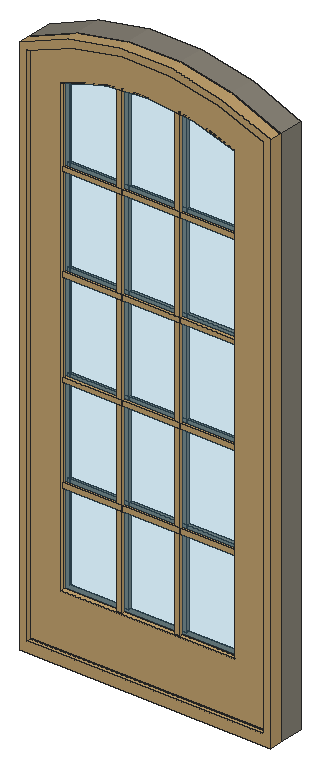
Revit family
Parameters (values of type "CUIAF3070")
  URL = "www.marvin.com"
  Thickness = 0' - 1 3/4"
  Sill Material = Fiberglass_Pultrusion-Marvin-Beige
  Rough Width = Width + 0' 1"  # 3' - 2 7/16"
  Rough Height = Height + 0' 0 1/2"  # 7' - 2 1/2"
  Radius = 3' - 4 3/16"
  RO Radius = 3' - 4 1/2"
  Muntins Interior Material = Wood-Marvin-Pine
  Muntins Exterior Material = Aluminum-Marvin-Bronze
  Mask Offset [instance] = if(Inset to Installation Flange = 0' 1 3/32", 0' 0 1/32", 0' 0")  # 0' - 0"
  Interior Material = Wood-Marvin-Pine
  Glazing Material = Glass-Marvin-IG Low E II with Argon
  Function = 1
  Frame = "Aluminum Clad"
  FS Springline = 6' - 9 3/8"
  Plan Swing Angle [instance] = 90.00°
  Panel Width = Width - 0' 2 3/8"  # 2' - 11 1/16"
  Nominal Width = 3' - 0"
  Nominal Height = 7' - 0"
  Muntins Interior Visibility = yes
  Muntins Exterior Visibility = yes
  Model = "CUIAF3070"
  Mask [instance] = Inset to Installation Flange > 0' 1 3/32"  # no
  Manufacturer = "Marvin Windows and Doors"
  Lites Wide = 3
  Lites High = 5
  Label Visibility = no
  Jamb Extension Visibility = no
  Inset to Installation Flange [instance] = 0' - 1"
  Height = if(Nominal Height = 6' 6", Nominal Height + 0' 1 1/2", if(Nominal Height = 8' 0", Nominal Height - 0' 0 1/2", Nominal Height + 0' 2"))  # 7' - 2"
  Wall Closure = (empty or 0)
  Width = if(Nominal Height > 6' 6", Nominal Width + 0' 1 7/16", Nominal Width + 0' 0 5/8")  # 3' - 1 7/16"
  Glass Type = "IG Low E II with Argon"
  Family created by = "www.revitbuilt.com"
  Door Type = "Clad Ultimate Inswing Archtop French Door"
  Design Pressure = "DP40"
  Description = "3684 AT FR DOOR"
  Daylight Area = DLO Width * DLO Height  # 12.4636 SF
  DLO Width = Width - 0' 11 27/32"  # 2' - 1 19/32"
  DLO Height = Height - 1' 3 7/8"  # 5' - 10 1/8"
  Cladding Material = Aluminum-Marvin-Bronze
  Assembly Code = ""
Reference planes (in)
  plane 1 "Center (Front/Back)": y = 0
  plane 2 "Center (Left/Right)": x = 0
  plane 3 "Left": x = -18.71875
  plane 4 "Right": x = 18.71875
  plane 5 "Top": z = 86
  plane 6 "Exterior": y = 3
  plane 7 "Interior": y = -3
  plane 8 "Inset": y = 2
  plane 9 "Glazing": y = -0.71875
  plane 10: x = -12.78125
  plane 11: x = 12.78125
  plane 12: z = 80.0625
  plane 13: z = 9.96875
  plane 14 "Jamb Ext Face": y = -2.5625
  plane 15: z = 81.375
  plane 16: z = 80.0625
  plane 17: y = -2.59375
Forms (in)
  Sweep 1, solid, material "Aluminum-Marvin-Bronze" <- "Cladding Material"
    path origin (0, -0.71875, 0) x (1, 0, 0) y (0, 0, 1)
      loop
        line (-18.71875, 4.03125) -> (18.71875, 4.03125) -> (18.71875, 81.375)
        arc (18.71875, 81.375) -> (0, 86.00067) -> (-18.71875, 81.375) r 40.1875
        line (-18.71875, 81.375) -> (-18.71875, 4.03125)
    profile "Clad_Panel : Clad_Panel" origin (-18.71875, -0.71875, 42.70313) x (-1, 0, 0) y (0, -1, 0)
      loop
        line (-1.1875, 0) -> (-5.9375, 0) -> (-5.9375, -0.05719) -> (-5.72946, -0.26523) -> (-5.72946, -0.4375) -> (-1.1875, -0.4375) -> (-1.1875, 0)
  Sweep 2, solid, material "Wood-Marvin-Pine" <- "Interior Material"
    path origin (0, -0.71875, 0) x (1, 0, 0) y (0, 0, 1)
      loop
        line (-18.71875, 81.375) -> (-18.71875, 4.03125) -> (18.71875, 4.03125) -> (18.71875, 81.375)
        arc (18.71875, 81.375) -> (0, 86.00067) -> (-18.71875, 81.375) r 40.1875
    profile "Int_Panel : Int_Panel" origin (-18.71875, -0.71875, 42.70312) x (1, 0, 0) y (0, -1, 0)
      loop
        line (1.1875, 1.3125) -> (1.1875, 0) -> (5.21266, 0) -> (5.21266, 0.82511) -> (5.9375, 0.82511) -> (5.9375, 0.97108) -> (5.74041, 1.3125) -> (1.1875, 1.3125)
  Sweep 3, solid, material "Aluminum-Marvin-Bronze" <- "Cladding Material"
    path origin (0, -0.71875, 0) x (1, 0, 0) y (0, 0, 1)
      loop
        line (-18.71875, 0) -> (-18.71875, 81.375)
        arc (-18.71875, 81.375) -> (0, 86.00067) -> (18.71875, 81.375) r 40.1875
        line (18.71875, 81.375) -> (18.71875, 0)
    profile "Clad_Frame : Clad_Frame" origin (-18.71875, -0.71875, 40.6875) x (-1, 0, 0) y (0, -1, 0)
      loop
        line (0, -3.8125) -> (0, 0) -> (-1.06374, 0) -> (-1.06374, -0.53244) -> (-1.77792, -0.53244)
        arc (-1.77792, -0.53244) -> (-1.63018, -1.76415) -> (-1.51551, -2.99937) r 46.27589
        line (-1.51551, -2.99937) -> (-0.93767, -2.99937) -> (-0.93767, -3.10585) -> (-0.67848, -3.10585) -> (-0.67848, -3.8125) -> (0, -3.8125)
  Sweep 4, solid, material "Wood-Marvin-Pine" <- "Interior Material"
    path origin (0, -0.71875, 0) x (1, 0, 0) y (0, 0, 1)
      loop
        line (-18.71875, 0) -> (-18.71875, 81.375)
        arc (-18.71875, 81.375) -> (0, 86.00067) -> (18.71875, 81.375) r 40.1875
        line (18.71875, 81.375) -> (18.71875, 0)
    profile "Int_Frame : Int_Frame" origin (-18.71875, -0.71875, 40.6875) x (-1, 0, 0) y (0, -1, 0)
      loop
        line (0, 0) -> (0, 1.84375) -> (-1.06374, 1.84375) -> (-1.06374, 0) -> (0, 0)
  Sweep 5, solid, material "Fiberglass_Pultrusion-Marvin-Beige" <- "Sill Material"
    path origin (0, 2, 0) x (1, 0, 0) y (0, 0, 1)
      loop
        line (18.04027, 0) -> (-18.04027, 0)
    profile "Sill : Sill" origin (0, 2, 0) x (0, 0, -1) y (0, -1, 0)
      loop
        line (-0.45122, -1.09375) -> (0, -1.09375) -> (0, 3.9375) -> (-1.61915, 3.9375) -> (-1.61915, 1.78125) -> (-0.75338, 1.78125) -> (-0.45122, -1.09375)
  Extrusion 6, solid, material "Aluminum-Marvin-Bronze" <- "Cladding Material"
    sketch origin (0, 0, 0) x (0, 1, 0) y (0, 0, 1)
      loop
        line (-0.28125, 5.21875) -> (-0.71875, 5.21875) -> (-0.71875, 1.8125) -> (-0.28125, 1.8125) -> (-0.28125, 5.21875)
    from -17.53125 to 17.53125
  Extrusion 7, solid, material "Wood-Marvin-Pine" <- "Interior Material"
    sketch origin (0, 0, 0) x (0, 1, 0) y (0, 0, 1)
      loop
        line (-0.71875, 5.21875) -> (-2.03125, 5.21875) -> (-2.03125, 1.8125) -> (-0.71875, 1.8125) -> (-0.71875, 5.21875)
    from -17.53125 to 17.53125
  Extrusion 8, solid, material "Wood-Marvin-Pine" <- "Interior Material", visible <- "Jamb Extension Visibility", detail levels medium+fine
    sketch origin (0, -2.5625, 0) x (1, 0, 0) y (0, 0, 1)
      loop
        line (-18.71875, 0) -> (-18.03125, 0) -> (-18.03125, 80.9556)
        arc (-18.03125, 80.9556) -> (0, 85.31148) -> (18.03125, 80.9556) r 39.49831
        line (18.03125, 80.9556) -> (18.03125, 0) -> (18.71875, 0) -> (18.71875, 81.375)
        arc (18.71875, 81.375) -> (0, 86.00067) -> (-18.71875, 81.375) r 40.1875
        line (-18.71875, 81.375) -> (-18.71875, 0)
    from 0.03125 to 0.4375
  Extrusion 9, solid, material "Glass-Marvin-IG Low E II with Argon" <- "Glazing Material"
    sketch origin (0, -0.71875, 0) x (1, 0, 0) y (0, 0, 1)
      loop
        line (13.40625, 9.34375) -> (13.40625, 78.1166)
        arc (13.40625, 78.1166) -> (0, 80.78801) -> (-13.40625, 78.1166) r 34.97484
        line (-13.40625, 78.1166) -> (-13.40625, 9.34375) -> (13.40625, 9.34375)
    from 0 to 0.125
  Extrusion 10, solid, material "Glass-Marvin-IG Low E II with Argon" <- "Glazing Material"
    sketch origin (0, -0.71875, 0) x (1, 0, 0) y (0, 0, 1)
      loop
        line (13.40625, 9.34375) -> (13.40625, 78.1166)
        arc (13.40625, 78.1166) -> (0, 80.78801) -> (-13.40625, 78.1166) r 34.97484
        line (-13.40625, 78.1166) -> (-13.40625, 9.34375) -> (13.40625, 9.34375)
    from 0.65625 to 0.78125
  Sweep 11, solid, material "Wood-Marvin-Pine" <- "Interior Material"
    path in 3D
      loop
        line (18.04027, -1.9375, 1.61915) -> (-18.04027, -1.9375, 1.61915)
    profile origin (0, -1.9375, 1.61915) x (0, -1, 0) y (0, 0, 1)
      loop
        line (0, 0) -> (0, -1.61915) -> (0.625, -1.61915) -> (0.625, 0) -> (0, 0)
Cuts and joins
  joined: Sweep 1, Extrusion 6
  joined: Sweep 2, Extrusion 7
  joined: Sweep 4, Sweep 11
Lines and regions (in)
  Opening 1
    outline origin (-90, -3, 0) x (1, 0, 0) y (0, 0, 1)
      loop
        line (71.28125, 0) -> (108.71875, 0) -> (108.71875, 81.375)
        arc (108.71875, 81.375) -> (90, 86.00067) -> (71.28125, 81.375) r 40.1875
        line (71.28125, 81.375) -> (71.28125, 0)
  Masking region 1
    outline origin (0, 0, 0) x (0, 1, 0) y (0, 0, 1)
      loop
        line (3.09375, 86) -> (-2.5625, 86) -> (-2.5625, 0) -> (3.09375, 0) -> (3.09375, 86)
  Masking region 2, visible <- "Mask"
    outline origin (0, 0, 0) x (0, 1, 0) y (0, 0, 1)
      loop
        line (3.09375, 86) -> (3, 86) -> (3, 0) -> (3.09375, 0) -> (3.09375, 86)
  Masking region 3, visible <- "Jamb Extension Visibility"
    outline origin (0, 0, 0) x (1, 0, 0) y (0, 1, 0)
      loop
        line (-18.71875, -2.59375) -> (-18.71875, -3) -> (-18.03125, -3) -> (-18.03125, -2.59375) -> (-18.71875, -2.59375)
      loop
        line (18.71875, -2.59375) -> (18.03125, -2.59375) -> (18.03125, -3) -> (18.71875, -3) -> (18.71875, -2.59375)
  Masking region 4
    outline origin (0, 0, 0) x (0, 1, 0) y (0, 0, 1)
      loop
        line (-2.59375, 86) -> (-3, 86) -> (-3, 0) -> (-2.59375, 0) -> (-2.59375, 86)
  symbolic lines, style "DoorsFrameMullionProjection", visible <- "Jamb Extension Visibility", detail levels coarse+medium
    curve 1: line (-18.71875, -3, 0) -> (-18.03125, -3, 0)
    curve 2: line (-18.03125, -3, 0) -> (-18.03125, -2.59375, 0)
    curve 3: line (18.71875, -3, 0) -> (18.03125, -3, 0)
    curve 4: line (18.03125, -3, 0) -> (18.03125, -2.59375, 0)
    curve 7: line (0, -2.59375, 85.3125) -> (0, -3, 85.3125)
    curve 8: line (0, -3, 85.3125) -> (0, -3, 86)
  symbolic lines, style "Jamb Extension", visible <- "Jamb Extension Visibility", detail levels fine
    curve 5: line (0, -2.59375, 85.3125) -> (0, -3, 85.3125)
    curve 6: line (0, -3, 85.3125) -> (0, -3, 86)
  symbolic lines, style "DoorsFrameMullionProjection", detail levels coarse+medium
    curve 9: line (0, 3.09375, 86) -> (0, 3.09375, 84.93626)
    curve 10: line (0, 3.09375, 84.93626) -> (0, -2.5625, 84.93626)
    curve 11: line (0, -2.5625, 84.93626) -> (0, -2.5625, 86)
    curve 20: line (0, -0.28125, 80.0625) -> (0, -0.28125, 9.96875)
    curve 21: line (0, -2.03125, 80.0625) -> (0, -2.03125, 9.96875)
    curve 24: line (0, 3.09375, 0.45122) -> (0, 0.21875, 0.75338)
    curve 25: line (0, 0.21875, 1.625) -> (0, 0.21875, 0.75338)
    curve 26: line (0, 0.21875, 1.625) -> (0, -2.56948, 1.625)
    curve 27: line (0, -2.56948, 0) -> (0, -2.56948, 1.625)
    curve 28: line (0, 3.09375, 0) -> (0, 3.09375, 0.45122)
    curve 29: line (0, 3.09375, 0) -> (0, -2.56948, 0)
    curve 30: line (0, 3.09375, 86) -> (0, -2.5625, 86)
    curve 31: line (0, -3, 86) -> (0, 3.09375, 86)
  symbolic lines, style "DoorsPanelProjection", detail levels coarse+medium
    curve 12: line (0, -0.28125, 80.0625) -> (0, -0.28125, 84.93626)
    curve 13: line (0, -2.03125, 80.0625) -> (0, -0.28125, 80.0625)
    curve 14: line (0, -2.03125, 84.93626) -> (0, -2.03125, 80.0625)
    curve 15: line (0, -0.28125, 9.96875) -> (0, -2.03125, 9.96875)
    curve 16: line (0, -0.28125, 1.8125) -> (0, -0.28125, 9.96875)
    curve 17: line (0, -2.03125, 1.8125) -> (0, -0.28125, 1.8125)
    curve 18: line (0, -2.03125, 9.96875) -> (0, -2.03125, 1.8125)
  symbolic lines, style "DoorsGlassProjection", detail levels coarse+medium
    curve 19: line (0, -1.15625, 9.96875) -> (0, -1.15625, 80.0625)
  symbolic lines, style "Elevation Swing"
    curve 22: line (-17.53125, -0.71875, 1.8125) -> (17.53125, -0.71875, 43)
    curve 23: line (17.53125, -0.71875, 43) -> (-17.65501, -0.71875, 80.72397)
  sketch lines
    curve 32: line (18.04027, -1.9375, 1.61915) -> (-18.04027, -1.9375, 1.61915)
  reference lines
    curve 33: arc (18.71875, 3, 81.375) -> (0, 3, 86.00067) -> (-18.71875, 3, 81.375) r 40.1875
Text (in)
  text "Exterior" at (-74.96733, 27.31104, 0), in view "Ref. Level"
  text "Interior" at (-74.96733, -25.14366, 0), in view "Ref. Level"
  text "Exterior" at (0, 40.15149, 123.01588), in view "Right"
  text "Interior" at (0, -64.39139, 123.01588), in view "Right"
  text "Interior" at (0, -31.01599, 123.00693), in view "Left"
  text "Exterior" at (0, 54.57065, 123.00693), in view "Left"
Dimensions and locks (in)
  equal spacing: plane 3 "Left", plane 2 "Center (Left/Right)", plane 4 "Right"
  "Height": level to plane 5 "Top"
  "Width": plane 3 "Left" to plane 4 "Right"
  locked: plane 11 to plane 4 "Right" at 5.9375
  locked: plane 3 "Left" to plane 10 at 5.9375
  locked: plane 12 to plane 5 "Top" at 5.9375
  locked: level to plane 13 at 9.96875
  locked: Extrusion 6 sketch curve to Sweep 1 at 3.40625
  locked: Extrusion 7 sketch curve to Sweep 2 at 3.40625
  locked: Extrusion 8 sketch curve to plane 4 "Right" at 0.6875
  locked: plane 3 "Left" to Extrusion 8 sketch curve at 0.6875
  locked: Extrusion 9 sketch curve to plane 10 at 0.625
  locked: Extrusion 9 sketch curve to plane 13 at 0.625
  locked: plane 11 to Extrusion 9 sketch curve at 0.625
  locked: Extrusion 10 sketch curve to plane 10 at 0.625
  locked: Extrusion 10 sketch curve to plane 13 at 0.625
  locked: plane 11 to Extrusion 10 sketch curve at 0.625
  locked: plane 9 "Glazing" to Extrusion 9 at 0.125
  locked: plane 9 "Glazing" to Extrusion 10 at 0.78125
  locked: plane 9 "Glazing" to Extrusion 10 at 0.65625
  locked: Extrusion 10 to Extrusion 10 at 0.125
  locked: nested 3 to plane 9 "Glazing" at 0.8125
  "Inset to Installation Flange": host wall to plane 8 "Inset"
  locked: plane 9 "Glazing" to plane 8 "Inset" at 2.71875
  locked: plane 14 "Jamb Ext Face" to plane 8 "Inset" at 4.5625
  locked: nested 4 to host wall at 12
  equal spacing: level, curve 23, plane 5 "Top"
  "FS Springline": level to plane 15
  locked: Sweep 1 sketch curve to plane 13 at 5.9375
  locked: Sweep 2 sketch curve to plane 13 at 5.9375
  locked: curve 7 to plane 5 "Top" at 0.6875
  "Mask Offset": Masking region 2 sketch curve to host wall
  locked: plane 17 to plane 14 "Jamb Ext Face" at 0.03125
  "Radius": radius of curve 33
  aligned and locked: plane 3 "Left" to Opening 1 sketch curve
  aligned and locked: Opening 1 sketch curve to plane 4 "Right"
  aligned and locked: Opening 1 sketch curve to level
  aligned and locked: plane 6 "Exterior" to host wall
  aligned and locked: plane 7 "Interior" to host wall
  aligned and locked: plane 3 "Left" to Sweep 3 sketch curve
  aligned and locked: level to Sweep 3 sketch curve  (x2)
  aligned and locked: Sweep 3 sketch curve to plane 4 "Right"
  aligned and locked: plane 3 "Left" to Sweep 4 sketch curve
  aligned and locked: level to Sweep 4 sketch curve  (x2)
  aligned and locked: Sweep 4 sketch curve to plane 4 "Right"
  aligned and locked: level to nested 1
  aligned and locked: nested 1 to plane 8 "Inset"
  aligned and locked: Sweep 5 sketch curve to level
  aligned and locked: Extrusion 6 sketch curve to Sweep 1  (x2)
  aligned and locked: Extrusion 6 sketch curve to plane 9 "Glazing"
  aligned and locked: Sweep 1 to Extrusion 6
  aligned and locked: Extrusion 6 to Sweep 1
  aligned and locked: Sweep 2 to Extrusion 7 sketch curve
  aligned and locked: plane 9 "Glazing" to Extrusion 7 sketch curve
  aligned and locked: Extrusion 7 sketch curve to Sweep 2
  aligned and locked: Sweep 2 to Extrusion 7
  aligned and locked: Extrusion 7 to Sweep 2
  aligned and locked: Extrusion 8 sketch curve to plane 3 "Left"
  aligned and locked: plane 4 "Right" to Extrusion 8 sketch curve
  aligned and locked: level to Extrusion 8 sketch curve  (x2)
  aligned and locked: Sweep 3 to Extrusion 8 sketch curve
  aligned and locked: host wall to Extrusion 8
  aligned and locked: Extrusion 9 to plane 9 "Glazing"
  aligned and locked: plane 9 "Glazing" to nested 2
  aligned and locked: nested 2 to plane 2 "Center (Left/Right)"
  aligned and locked: plane 12 to nested 2
  aligned and locked: plane 2 "Center (Left/Right)" to nested 3
  aligned and locked: nested 3 to plane 12
  aligned and locked: plane 3 "Left" to curve 1
  aligned and locked: curve 1 to Extrusion 8
  aligned and locked: curve 4 to Extrusion 8
  aligned and locked: curve 3 to Extrusion 8
  aligned and locked: Extrusion 8 to curve 6
  aligned and locked: plane 5 "Top" to curve 8
  aligned and locked: plane 5 "Top" to curve 9
  aligned and locked: plane 5 "Top" to curve 11
  aligned and locked: curve 13 to plane 12
  aligned and locked: curve 14 to cut or joined group of Sweep 2, Extrusion 7
  aligned and locked: curve 12 to cut or joined group of Sweep 1, Extrusion 6
  aligned and locked: curve 15 to plane 13
  aligned and locked: curve 18 to cut or joined group of Sweep 2, Extrusion 7
  aligned and locked: curve 16 to cut or joined group of Sweep 1, Extrusion 6
  aligned and locked: curve 13 to curve 19
  aligned and locked: curve 15 to curve 19
  aligned and locked: plane 5 "Top" to Masking region 1 sketch curve
  aligned and locked: level to Masking region 1 sketch curve
  aligned and locked: level to Masking region 2 sketch curve
  aligned and locked: plane 5 "Top" to Masking region 2 sketch curve
  aligned and locked: curve 21 to cut or joined group of Sweep 2, Extrusion 7
  aligned and locked: cut or joined group of Sweep 1, Extrusion 6 to curve 22
  aligned and locked: plane 2 "Center (Left/Right)" to nested 4
  aligned and locked: curve 17 to cut or joined group of Sweep 2, Extrusion 7
  aligned and locked: curve 24 to Sweep 5
  aligned and locked: curve 25 to nested 1
  aligned and locked: curve 27 to nested 1
  aligned and locked: curve 28 to Sweep 5
  aligned and locked: plane 4 "Right" to nested 5
  aligned and locked: plane 8 "Inset" to nested 5
  aligned and locked: curve 9 to Sweep 3
  aligned and locked: Masking region 1 sketch curve to Sweep 3
  aligned and locked: Masking region 2 sketch curve to Sweep 3
  aligned and locked: Sweep 5 sketch curve to Sweep 3
  aligned and locked: Sweep 3 to Sweep 5 sketch curve
  aligned and locked: curve 22 to cut or joined group of Sweep 1, Extrusion 6
  aligned and locked: Sweep 11 sketch curve to profile plane
  aligned and locked: level to Sweep 11 sketch curve
  aligned and locked: Sweep 11 sketch curve to plane 14 "Jamb Ext Face"
  aligned and locked: Sweep 11 sketch curve to Sweep 5
  aligned and locked: Sweep 4 sketch curve to host wall
  aligned and locked: plane 3 "Left" to Sweep 1 sketch curve
  aligned and locked: Sweep 1 sketch curve to plane 4 "Right"
  aligned and locked: Sweep 2 sketch curve to plane 3 "Left"
  aligned and locked: plane 4 "Right" to Sweep 2 sketch curve
  aligned and locked: plane 15 to curve 33  (x2)
  aligned and locked: plane 4 "Right" to curve 33
  aligned and locked: plane 3 "Left" to curve 33
  aligned and locked: Opening 1 sketch curve to curve 33
  aligned and locked: Sweep 1 sketch curve to curve 33
  aligned and locked: Sweep 3 sketch curve to host wall
  aligned and locked: Sweep 2 sketch curve to host wall
  aligned and locked: cut or joined group of Sweep 4, Sweep 11 to curve 23
  aligned and locked: Extrusion 8 sketch curve to host wall
  aligned and locked: Extrusion 10 sketch curve to cut or joined group of Sweep 2, Extrusion 7
  aligned and locked: Extrusion 9 sketch curve to cut or joined group of Sweep 2, Extrusion 7
  aligned and locked: Extrusion 8 to curve 2
  aligned and locked: plane 17 to Masking region 3 sketch curve
  aligned and locked: Masking region 3 sketch curve to plane 3 "Left"
  aligned and locked: Masking region 3 sketch curve to host wall
  aligned and locked: Masking region 3 sketch curve to Extrusion 8  (x2)
  aligned and locked: Masking region 3 sketch curve to plane 17
  aligned and locked: Masking region 3 sketch curve to plane 4 "Right"
  aligned and locked: host wall to Masking region 3 sketch curve
  aligned and locked: Extrusion 8 to curve 4
  aligned and locked: Extrusion 8 to curve 7
  aligned and locked: Extrusion 8 to curve 5
  aligned and locked: Extrusion 8 to plane 17
  aligned and locked: Masking region 1 sketch curve to plane 14 "Jamb Ext Face"
  aligned and locked: plane 5 "Top" to Masking region 4 sketch curve
  aligned and locked: level to Masking region 4 sketch curve
  aligned and locked: plane 17 to Masking region 4 sketch curve
  aligned and locked: Masking region 4 sketch curve to host wall
Automatic sketch dimensions
  level to curve 22 = 0' - 1 13/16"
  plane 15 to curve 23 = 0' - 0.65103"
  Extrusion 8 sketch curve to Extrusion 8 sketch curve = 0' - 0"  (x2)
  plane 15 to Extrusion 8 sketch curve = 0' - 0.4194"
  curve 3 to plane 4 "Right" = 0' - 0"
  curve 1 to curve 1 = 0' - 0 11/16"
  curve 30 to plane 14 "Jamb Ext Face" = 0' - 0"
  curve 29 to level = 0' - 0"
  plane 9 "Glazing" to curve 19 = 0' - 0 7/16"
  curve 26 to curve 16 = 0' - 0 3/16"
  plane 5 "Top" to curve 9 = 0' - 1.06374"
Nested families (in)
  nested 1: "Door_Section_Detail" at (0, 2, 0) x (0, -1, 0) z (1, 0, 0), type "Door_Section_Detail", detail levels fine
  nested 2: "Muntins" at (0, -0.71875, -26.0625), visible <- "Muntins Exterior Visibility", Muntin Material <- "Muntins Exterior Material", type "Muntins"
    with Muntin Material Aluminum-Marvin-Bronze, GlazingWidth 2' - 1 19/32", GlazingHeight 5' - 10 1/8", Width 2' - 2 1/32", LitesVertical 5, HorizontalMuntins 4, Height 5' - 10 9/16", Inset Vert 0' - 8.30208", Inset Horiz 1' - 1.7375"
  nested 3: "Muntins" at (0, -1.53125, -26.0625), Muntin Material <- "Muntins Interior Material", visible <- "Muntins Interior Visibility", type "Muntins"
    with Muntin Material Wood-Marvin-Pine, GlazingWidth 2' - 1 19/32", GlazingHeight 5' - 10 1/8", Width 2' - 2 1/32", LitesVertical 5, HorizontalMuntins 4, Height 5' - 10 9/16", Inset Vert 0' - 8.30208", Inset Horiz 1' - 1.7375"
  nested 4: "Label Annotation 1-16 w5" at (0, 15, 0), visible <- "Label Visibility", type "Label Annotation 1-16 w5"
  nested 5: "Door_Plan_Detail" at (36.65625, -1.9375, 0), type "Door_Plan_Detail"
Definition of nested family "Muntins"
  Parameters (values of type "Muntins")
    GlazingWidth = 2' - 6 3/16"
    GlazingHeight = 3' - 5 5/16"
    Width = GlazingWidth + 0' 0 7/16"  # 2' - 6 5/8"
    VerticalMuntins = if(LitesHorizontal < 3, 2, LitesHorizontal - 1)  # 2
    VertMuntVisible = LitesHorizontal > 2  # yes
    MuntinWidth = 0' - 0 3/4"
    MuntinDepth = 0' - 0 3/8"
    Muntin Material [instance] = none
    LitesVertical = 3
    LitesHorizontal = 3
    HorizontalMuntins = if(LitesVertical < 3, 2, LitesVertical - 1)  # 2
    HorizMuntVisible = LitesVertical > 2  # yes
    Height = GlazingHeight + 0' 0 7/16"  # 3' - 5 3/4"
    Inset Vert = if(LitesHorizontal < 3, (Width / 3) - (MuntinWidth / 2), (Width / LitesHorizontal) - (MuntinWidth / 2))  # 0' - 9.83333"
    Inset Horiz = if(LitesVertical < 3, (Height / 3) - (MuntinWidth / 2), (Height / LitesVertical) - (MuntinWidth / 2))  # 1' - 1.54167"
    CenterMuntinVertical = LitesHorizontal = 2  # no
    CenterMuntinHorizontal = LitesVertical = 2  # no
    Assembly Code = ""
  Reference planes (in)
    plane 1 "Center (Front/Back)": y = 0
    plane 2: z = 0
    plane 3 "Center (Left/Right)": x = 0
    plane 4: z = 35.78125
    plane 5: z = 56.65625
    plane 6: z = 77.53125
    plane 7: z = 63.98958
    plane 8: z = 49.32292
    plane 9: z = 77.3125
    plane 10: z = 36
    plane 11: x = -15.09375
    plane 12: x = 15.09375
    plane 13: x = -5.47917
    plane 14: x = -15.3125
    plane 15: x = 15.3125
    plane 16: x = 5.47917
  Forms (in)
    Extrusion 1, solid, material <- "Muntin Material", visible <- "CenterMuntinVertical", detail levels medium+fine
      sketch origin (9, 0, 0) x (1, 0, 0) y (0, 0, 1)
        loop
          line (-9.375, 77.53125) -> (-9.375, 35.78125) -> (-8.625, 35.78125) -> (-8.625, 77.53125) -> (-9.375, 77.53125)
      from 0 to 0.375 <- "MuntinDepth"
    Extrusion 2, solid, material <- "Muntin Material", visible <- "CenterMuntinHorizontal", detail levels medium+fine
      sketch origin (-0.0013, 0, 14.6875) x (1, 0, 0) y (0, 0, 1)
        loop
          line (-15.3112, 42.34375) -> (-15.3112, 41.59375) -> (15.3138, 41.59375) -> (15.3138, 42.34375) -> (-15.3112, 42.34375)
      from 0 to 0.375 <- "MuntinDepth"
    Extrusion 3, solid, material <- "Muntin Material", visible <- "VertMuntVisible", detail levels medium+fine
      sketch origin (3.89583, 0, -2.90625) x (1, 0, 0) y (0, 0, 1)
        loop
          line (-9.375, 80.4375) -> (-9.375, 38.6875) -> (-8.625, 38.6875) -> (-8.625, 80.4375) -> (-9.375, 80.4375)
      from 0 to 0.375 <- "MuntinDepth"
    Extrusion 4, solid, material <- "Muntin Material", visible <- "HorizMuntVisible", detail levels medium+fine
      sketch origin (-0.0026, 0, 18.30208) x (1, 0, 0) y (0, 0, 1)
        loop
          line (-15.3099, 45.6875) -> (-15.3099, 44.9375) -> (15.3151, 44.9375) -> (15.3151, 45.6875) -> (-15.3099, 45.6875)
      from 0 to 0.375 <- "MuntinDepth"
    Extrusion 5, solid, material <- "Muntin Material", visible <- "HorizMuntVisible", detail levels medium+fine
      sketch origin (-0.0026, 0, 4.38542) x (1, 0, 0) y (0, 0, 1)
        loop
          line (-15.3099, 45.6875) -> (-15.3099, 44.9375) -> (15.3151, 44.9375) -> (15.3151, 45.6875) -> (-15.3099, 45.6875)
      from 0 to 0.375 <- "MuntinDepth"
    Extrusion 6, solid, material <- "Muntin Material", visible <- "VertMuntVisible", detail levels medium+fine
      sketch origin (14.10417, 0, -2.90625) x (1, 0, 0) y (0, 0, 1)
        loop
          line (-9.375, 80.4375) -> (-9.375, 38.6875) -> (-8.625, 38.6875) -> (-8.625, 80.4375) -> (-9.375, 80.4375)
      from 0 to 0.375 <- "MuntinDepth"
  Lines and regions (in)
    model lines, style "Muntins", visible <- "CenterMuntinHorizontal", detail levels coarse
      curve 1: line (-15.3125, 0, 56.65625) -> (15.3125, 0, 56.65625)
    model lines, style "Muntins", visible <- "HorizMuntVisible", detail levels coarse
      curve 2: line (-15.3125, 0, 63.61458) -> (15.3125, 0, 63.61458)
      curve 3: line (-15.3125, 0, 49.69792) -> (15.3125, 0, 49.69792)
    model lines, style "Muntins", visible <- "CenterMuntinVertical", detail levels coarse
      curve 4: line (0, 0, 77.53125) -> (0, 0, 35.78125)
    model lines, style "Muntins", visible <- "VertMuntVisible", detail levels coarse
      curve 5: line (-5.10417, 0, 77.53125) -> (-5.10417, 0, 35.78125)
      curve 6: line (5.10417, 0, 77.53125) -> (5.10417, 0, 35.78125)
  Dimensions and locks (in)
    "Inset Horiz": plane 6 to plane 7
    "Inset Horiz": plane 8 to plane 4
    equal spacing: plane 6, plane 5, plane 4
    "Height": plane 6 to plane 4
    "GlazingHeight": plane 9 to plane 10
    equal spacing: plane 9, plane 5, plane 10
    "GlazingWidth": plane 12 to plane 11
    equal spacing: plane 12, plane 3 "Center (Left/Right)", plane 11
    "MuntinWidth": Extrusion 1 sketch curve to Extrusion 1 sketch curve
    "Height": Extrusion 1 sketch curve to Extrusion 1 sketch curve
    "MuntinWidth": Extrusion 2 sketch curve to Extrusion 2 sketch curve
    "Width": Extrusion 2 sketch curve to Extrusion 2 sketch curve
    "MuntinWidth": Extrusion 3 sketch curve to Extrusion 3 sketch curve
    "Height": Extrusion 3 sketch curve to Extrusion 3 sketch curve
    "Width": plane 15 to plane 14
    equal spacing: plane 15, plane 3 "Center (Left/Right)", plane 14
    "Inset Vert": plane 13 to plane 14
    "Inset Vert": plane 15 to plane 16
    "MuntinWidth": Extrusion 4 sketch curve to Extrusion 4 sketch curve
    "Width": Extrusion 4 sketch curve to Extrusion 4 sketch curve
    "MuntinWidth": Extrusion 5 sketch curve to Extrusion 5 sketch curve
    "Width": Extrusion 5 sketch curve to Extrusion 5 sketch curve
    group 2 to group 3 = 0' - 0"  (x2)
    group 3 to group 2 = 1' - 1.91667"
    "MuntinWidth": Extrusion 6 sketch curve to Extrusion 6 sketch curve
    "Height": Extrusion 6 sketch curve to Extrusion 6 sketch curve
    group 4 to group 5 = 0' - 10.20833"
    group 4 to group 5 = 0' - 0"  (x2)
    aligned and locked: plane 6 to Extrusion 1  (x2)
    aligned and locked: Extrusion 1 to plane 4  (x3)
    aligned and locked: Extrusion 3 to plane 13  (x5)
    aligned and locked: Extrusion 3 to plane 4  (x3)
    aligned and locked: Extrusion 2 to plane 14
    aligned and locked: plane 15 to Extrusion 2
    aligned and locked: plane 6 to Extrusion 3
    aligned and locked: plane 7 to Extrusion 4
    aligned and locked: Extrusion 4 to plane 14
    aligned and locked: plane 15 to Extrusion 4
    aligned and locked: curve 1 to plane 5
    aligned and locked: plane 14 to curve 1
    aligned and locked: plane 15 to curve 1
    aligned and locked: Extrusion 5 to plane 14
    aligned and locked: Extrusion 5 to plane 8
    aligned and locked: plane 15 to Extrusion 5
    aligned and locked: Extrusion 5 to curve 3  (x2)
    aligned and locked: Extrusion 4 to curve 2  (x2)
    aligned and locked: curve 4 to plane 3 "Center (Left/Right)"
    aligned and locked: Extrusion 1 to curve 4  (x2)
    aligned and locked: Extrusion 3 to curve 5  (x2)
    aligned and locked: Extrusion 6 to curve 6  (x2)
    aligned and locked: Extrusion 6 to plane 16
    aligned and locked: plane 6 to Extrusion 6
    aligned and locked: plane 6 to curve 6
    aligned and locked: Extrusion 6 to plane 4
    aligned and locked: plane 4 to curve 6
  Automatic sketch dimensions
    Extrusion 1 sketch curve to plane 4 = 0' - 0"
    Extrusion 1 sketch curve to plane 3 "Center (Left/Right)" = 0' - 0 3/8"
    Extrusion 2 sketch curve to plane 5 = 0' - 0 3/8"
    Extrusion 2 sketch curve to plane 11 = 0' - 0 7/32"
Definition of nested family "Door_Section_Detail"
  Parameters (values of type "Door_Section_Detail")
    Height = 7' - 2"
    Assembly Code = ""
  Reference planes (in)
    plane 1 "Center (Front/Back)": y = 0
    plane 2: z = 0
    plane 3 "Center (Left/Right)": x = 0
    plane 4: y = 86
  Lines and regions (in)
    detail lines, style "Cut Lines", in view "Ref. Level"
      curve 1: line (2.76266, 9.3065, 0) -> (2.76266, 80.72538, 0)
      curve 2: line (2.88766, 9.3065, 0) -> (2.88766, 80.72538, 0)
      curve 3: line (3.38766, 9.3065, 0) -> (3.38766, 80.72538, 0)
      curve 4: line (3.51266, 9.3065, 0) -> (3.51266, 80.72538, 0)
  Dimensions and locks (in)
    "Height": plane 4 to plane 1 "Center (Front/Back)"
    aligned and locked: plane 1 "Center (Front/Back)" to nested 1
    aligned and locked: plane 3 "Center (Left/Right)" to nested 1
    aligned and locked: plane 4 to nested 2
    aligned and locked: nested 2 to plane 3 "Center (Left/Right)"
    aligned and locked: curve 1 to nested 1  (x2)
    aligned and locked: nested 1 to curve 2
    aligned and locked: curve 2 to nested 1
    aligned and locked: curve 3 to nested 1  (x2)
    aligned and locked: nested 1 to curve 4
    aligned and locked: curve 4 to nested 1
    aligned and locked: nested 1 to nested 1  (x4)
    aligned and locked: curve 1 to nested 2
    aligned and locked: nested 2 to curve 2
    aligned and locked: curve 3 to nested 2
    aligned and locked: nested 2 to curve 4
  Nested families (in)
    nested 1: "Sill_Detail" at (0, 0, 0), type "Sill_Detail", in view "Ref. Level"
    nested 2: "Jamb_Detail" at (0, 86, 0) x (0, -1, 0) z (0, 0, 1), type "Jamb_Detail", in view "Ref. Level"
  Definition of nested family "Sill_Detail"
    Parameters (values of type "Sill_Detail")
      Assembly Code = ""
    Reference planes (in)
      plane 1 "Center (Front/Back)": y = 0
      plane 2: z = 0
      plane 3 "Center (Left/Right)": x = 0
    Lines and regions (in)
      detail lines, style "Cut Lines", in view "Ref. Level"
        curve 1: line (2.28125, 1.81861, 0) -> (2.28125, 9.76071, 0)
        curve 2: line (2.28125, 1.81861, 0) -> (4.03125, 1.81861, 0)
        curve 3: line (4.03125, 1.81861, 0) -> (4.03125, 9.77166, 0)
        curve 4: line (3.68983, 9.96875, 0) -> (4.03125, 9.77166, 0)
        curve 5: line (3.54386, 9.96875, 0) -> (3.68983, 9.96875, 0)
        curve 6: line (2.28125, 9.76071, 0) -> (2.45352, 9.76071, 0)
        curve 7: line (2.71875, 9.96875, 0) -> (2.66156, 9.96875, 0)
        curve 8: line (2.71875, 9.24391, 0) -> (3.54386, 9.24391, 0)
        curve 9: line (2.71875, 9.96875, 0) -> (2.71875, 9.24391, 0)
        curve 10: line (3.54386, 9.24391, 0) -> (3.54386, 9.96875, 0)
        curve 11: line (2.45352, 9.76071, 0) -> (2.66156, 9.96875, 0)
        curve 12: line (2.76266, 9.3065, 0) -> (2.88766, 9.3065, 0)
        curve 13: line (3.38766, 9.4315, 0) -> (2.88766, 9.4315, 0)
        curve 14: line (3.38766, 9.6815, 0) -> (2.88766, 9.6815, 0)
        curve 15: line (3.38766, 9.3065, 0) -> (3.51266, 9.3065, 0)
        curve 16: line (-1.09375, 0.45122, 0) -> (1.78125, 0.75338, 0)
        curve 17: line (4.56948, 0, 0) -> (-1.09375, 0, 0)
        curve 18: line (1.78125, 1.61915, 0) -> (1.78125, 0.75338, 0)
        curve 19: line (4.56948, 1.61915, 0) -> (1.78125, 1.61915, 0)
        curve 20: line (4.56948, 0, 0) -> (4.56948, 1.61915, 0)
        curve 21: line (-1.09375, 0, 0) -> (-1.09375, 0.45122, 0)
  Definition of nested family "Jamb_Detail"
    Parameters (values of type "Jamb_Detail")
      Assembly Code = ""
    Reference planes (in)
      plane 1 "Center (Front/Back)": y = 0
      plane 2: z = 0
      plane 3 "Center (Left/Right)": x = 0
    Lines and regions (in)
      detail lines, style "Cut Lines", in view "Ref. Level"
        curve 1: line (0, 1.09375, 0) -> (0, -4.5625, 0)
        curve 2: line (0, -4.5625, 0) -> (1.06374, -4.5625, 0)
        curve 3: line (1.06374, -2.18631, 0) -> (1.06374, -4.5625, 0)
        curve 4: line (1.06374, -2.18631, 0) -> (1.77792, -2.18631, 0)
        curve 5: line (0.67848, 0.3871, 0) -> (0.67848, 1.09375, 0)
        curve 6: line (0.93767, 0.3871, 0) -> (0.67848, 0.3871, 0)
        curve 7: line (0.93767, 0.28062, 0) -> (0.93767, 0.3871, 0)
        curve 8: line (0.67848, 1.09375, 0) -> (0, 1.09375, 0)
        curve 9: line (0, 0.045, 0) -> (-1.49897, 0.045, 0)
        curve 10: line (-0.155, 0, 0) -> (-1.49897, 0, 0)
        curve 11: line (-0.155, 0, 0) -> (-0.155, -0.11, 0)
        curve 12: line (0, -0.11, 0) -> (-0.155, -0.11, 0)
        curve 13: line (-1.49897, 0, 0) -> (-1.49897, 0.045, 0)
        curve 14: arc (1.77792, -2.18631, 0) -> (1.63018, -0.9546, 0) -> (1.51551, 0.28062, 0) r 46.27589
        curve 15: line (0.93767, 0.28062, 0) -> (1.51551, 0.28062, 0)
        curve 16: line (1.18687, -4.03125, 0) -> (1.18687, -2.28125, 0)
        curve 17: line (5.73978, -4.03125, 0) -> (1.18687, -4.03125, 0)
        curve 18: line (1.18687, -2.28125, 0) -> (5.72883, -2.28125, 0)
        curve 19: line (5.93687, -3.68983, 0) -> (5.73978, -4.03125, 0)
        curve 20: line (5.93687, -3.54386, 0) -> (5.93687, -3.68983, 0)
        curve 21: line (5.72883, -2.28125, 0) -> (5.72883, -2.45352, 0)
        curve 22: line (5.93687, -2.71875, 0) -> (5.93687, -2.66156, 0)
        curve 23: line (5.21204, -2.71875, 0) -> (5.21204, -3.54386, 0)
        curve 24: line (5.93687, -2.71875, 0) -> (5.21204, -2.71875, 0)
        curve 25: line (5.21204, -3.54386, 0) -> (5.93687, -3.54386, 0)
        curve 26: line (5.72883, -2.45352, 0) -> (5.93687, -2.66156, 0)
        curve 27: line (5.27462, -2.76266, 0) -> (5.27462, -2.88766, 0)
        curve 28: line (5.39962, -3.38766, 0) -> (5.39962, -2.88766, 0)
        curve 29: line (5.64962, -3.38766, 0) -> (5.64962, -2.88766, 0)
        curve 30: line (5.27462, -3.38766, 0) -> (5.27462, -3.51266, 0)
Definition of nested family "Label Annotation 1-16 w5"
  Parameters
    Label = ""
    Egress Info = "EGRESS WDW"
    Description = "3664 FIXED"
  Reference planes (in)
    plane 1: y = 0
    plane 2: x = 0
  Text (in)
    label "Description" at (0.00375, -0.00345, 0), shows "Description"
Definition of nested family "Door_Plan_Detail"
  Parameters (values of type "Door_Plan_Detail")
    Width = 3' - 1 7/16"
    Swing Angle = 90.00°
    Panel Width = 2' - 11 1/16"
    Flange Visibility = yes
    Assembly Code = ""
  Reference planes (in)
    plane 1 "Center (Front/Back)": y = -3.9375
    plane 2: z = 0
    plane 3: x = -17.9375
    plane 4: y = 0.09375
    plane 5: x = -19.125
    plane 6: x = -54.1875
    plane 7: x = -55.375
    plane 8: x = -36.65625
  Lines and regions (in)
    Masking region 1, in view "Ref. Level", detail levels coarse+medium
      outline origin (0, 0, 0) x (1, 0, 0) y (0, 1, 0)
        loop
          line (-19.125, 0.625) -> (-19.125, -5.03125) -> (-17.9375, -5.03125) -> (-17.9375, 0.625) -> (-19.125, 0.625)
    Masking region 2, in view "Ref. Level", detail levels coarse+medium
      outline origin (-108.375, 0, 0) x (0, 1, 0) y (-1, 0, 0)
        loop
          line (0.625, -54.1875) -> (0.625, -53) -> (-5.03125, -53) -> (-5.03125, -54.1875) -> (0.625, -54.1875)
  Dimensions and locks (in)
    locked: plane 1 "Center (Front/Back)" to plane 4 at 4.03125
    "Width": plane 7 to plane 3
    locked: plane 5 to plane 3 at 1.1875
    locked: plane 7 to plane 6 at 1.1875
    locked: Masking region 2 sketch curve to plane 4 at 0.53125
    locked: Masking region 2 sketch curve to plane 1 "Center (Front/Back)" at 1.09375
    equal spacing: plane 7, plane 8, plane 3
    aligned and locked: plane 1 "Center (Front/Back)" to nested 1
    aligned and locked: nested 2 to plane 1 "Center (Front/Back)"
    aligned and locked: nested 1 to plane 7
    aligned and locked: nested 2 to plane 3
    aligned and locked: Masking region 1 sketch curve to plane 5
    aligned and locked: Masking region 1 sketch curve to plane 3
    aligned and locked: Masking region 2 sketch curve to plane 6
    aligned and locked: Masking region 2 sketch curve to plane 7
    aligned and locked: Masking region 2 to Masking region 1 sketch curve
    aligned and locked: Masking region 1 sketch curve to Masking region 2
    aligned and locked: nested 3 to plane 5
    aligned and locked: plane 4 to nested 3
  Automatic sketch dimensions
    Masking region 2 sketch curve to plane 7 = 0' - 0"
  Nested families (in)
    nested 1: "Jamb_Detail" at (-55.375, -3.9375, 0), type "Jamb_Detail", in view "Ref. Level", detail levels fine
      with Flange Visibility yes
    nested 2: "Jamb_Detail" at (-17.9375, -3.9375, 0) x (-1, 0, 0) z (0, 0, 1), type "Jamb_Detail", in view "Ref. Level", detail levels fine
      with Flange Visibility yes
    nested 3: "Panel_Swing_Detail" at (0, 0, 0), type "Door_Plan_Detail", in view "Ref. Level"
      with Swing Visibility yes, Swing Constraint 90.00°, Mtg Stile no, Swing Angle 90.00°
  Definition of nested family "Jamb_Detail"
    Parameters (values of type "Jamb_Detail")
      Flange Visibility = no
      Assembly Code = ""
    Reference planes (in)
      plane 1 "Center (Front/Back)": y = 0
      plane 2: z = 0
      plane 3 "Center (Left/Right)": x = 0
    Lines and regions (in)
      Masking region 1, in view "Ref. Level"
        outline origin (0, 0, 0) x (1, 0, 0) y (0, 1, 0)
          loop
            line (0, 1.09375) -> (0, -4.5625) -> (1.06374, -4.5625) -> (1.06374, -2.18631) -> (1.77792, -2.18631)
            arc (1.77792, -2.18631) -> (1.63018, -0.9546) -> (1.51551, 0.28062) r 46.27589
            line (1.51551, 0.28062) -> (0.93767, 0.28062) -> (0.93767, 0.3871) -> (0.67848, 0.3871) -> (0.67848, 1.09375) -> (0, 1.09375)
      detail lines, style "Cut Lines", in view "Ref. Level", visible <- "Flange Visibility"
        curve 1: line (0, 0.045, 0) -> (-1.49897, 0.045, 0)
        curve 2: line (-0.155, 0, 0) -> (-1.49897, 0, 0)
        curve 3: line (-0.155, 0, 0) -> (-0.155, -0.11, 0)
        curve 4: line (0, -0.11, 0) -> (-0.155, -0.11, 0)
        curve 5: line (-1.49897, 0, 0) -> (-1.49897, 0.045, 0)
  Definition of nested family "Panel_Swing_Detail"
    Parameters (values of type "Door_Plan_Detail")
      Swing Visibility [instance] = not(Swing Angle = 0.00°)  # yes
      Swing Constraint [instance] = if(Swing Angle = 0.00°, 1.00°, Swing Angle)  # 45.00°
      Swing Angle = 45.00°
      Panel Width = 2' - 11 1/16"
      Mtg Stile [instance] = yes
      Assembly Code = ""
    Reference planes (in)
      plane 1: z = 0
      plane 2: y = 0.09375
      plane 3: x = -19.125
      plane 4: x = -54.1875
    Lines and regions (in)
      reference lines, in view "Ref. Level"
        curve 1: line (-19.125, 0.09375, 0) -> (-43.91793, 24.88668, 0)
      detail lines, in view "Ref. Level"
        curve 2: arc (-43.91793, 24.88668, 0) -> (-51.52869, 13.48702, 0) -> (-54.18746, 0.04057, 0) r 35.0625
    Dimensions and locks (in)
      "Panel Width": curve 1 to curve 1
      "Panel Width": plane 4 to plane 3
      "Swing Angle": angle nested 1 to plane 2
      "Swing Constraint": angle curve 1 to plane 2
      aligned and locked: plane 2 to curve 1
      aligned and locked: plane 3 to curve 1
      aligned and locked: curve 1 to curve 2
    Automatic sketch dimensions
      curve 2 to plane 4 = 0' - 0.00004"
      curve 2 to plane 3 = 0' - 0"
      curve 2 to plane 2 = 0' - 0"
      plane 2 to curve 2 = 0' - 0.05318"
    Nested families (in)
      nested 1: "Panel_Detail" at (-19.125, 0.09375, 0) x (0.7071, -0.7071, 0) z (0, 0, 1), Mtg Stile <- "Mtg Stile", type "Panel_Detail", in view "Ref. Level"
    Definition of nested family "Panel_Detail"
      Parameters (values of type "Panel_Detail")
        Panel Width = 2' - 11 1/16"
        Mtg Stile [instance] = yes
        Assembly Code = ""
      Reference planes (in)
        plane 1 "Center (Front/Back)": y = 0
        plane 2: z = 0
        plane 3 "Right": x = 0
        plane 4 "Left": x = -35.0625
      Lines and regions (in)
        Masking region 1, in view "Ref. Level", detail levels coarse+medium
          outline origin (0, 0, 0) x (1, 0, 0) y (0, 1, 0)
            loop
              line (-35.0625, 0) -> (-35.0625, -1.75) -> (0, -1.75) -> (0, 0) -> (-35.0625, 0)
        detail lines, style "Cut Lines", in view "Ref. Level", detail levels fine
          curve 1: line (-30.97475, -1.26859, 0) -> (-4.08775, -1.26859, 0)
          curve 2: line (-30.97475, -1.14359, 0) -> (-4.08775, -1.14359, 0)
          curve 3: line (-30.97475, -0.64359, 0) -> (-4.08775, -0.64359, 0)
          curve 4: line (-30.97475, -0.51859, 0) -> (-4.08775, -0.51859, 0)
      Dimensions and locks (in)
        "Panel Width": plane 4 "Left" to plane 3 "Right"
        locked: Masking region 1 sketch curve to plane 1 "Center (Front/Back)" at 1.75
        locked: nested 1 to plane 1 "Center (Front/Back)" at 1.75
        locked: nested 3 to plane 1 "Center (Front/Back)" at 1.75
        locked: nested 2 to plane 1 "Center (Front/Back)" at 1.75
        aligned and locked: plane 1 "Center (Front/Back)" to Masking region 1 sketch curve
        aligned and locked: Masking region 1 sketch curve to plane 4 "Left"
        aligned and locked: Masking region 1 sketch curve to plane 3 "Right"
        aligned and locked: plane 4 "Left" to nested 1
        aligned and locked: nested 2 to plane 3 "Right"
        aligned and locked: plane 4 "Left" to nested 3
      Automatic sketch dimensions
        plane 1 "Center (Front/Back)" to curve 4 = 0' - 0.51859"
        curve 4 to plane 4 "Left" = 0' - 4.08775"
        curve 2 to curve 4 = 0' - 0"
        curve 3 to curve 4 = 0' - 0"
        curve 1 to curve 2 = 0' - 0"  (x2)
        plane 1 "Center (Front/Back)" to curve 3 = 0' - 0.64359"
        curve 3 to plane 3 "Right" = 0' - 4.08775"
        curve 2 to curve 3 = 0' - 0"
        curve 4 to curve 3 = 0' - 0"
        curve 2 to curve 3 = 0' - 0 1/2"
        curve 1 to curve 2 = 0' - 0 1/8"
      Nested families (in)
        nested 1: "Mtg_Stile_Detail" at (-35.0625, -1.75, 0), visible <- "Mtg Stile", type "Stile_Detail", in view "Ref. Level", detail levels fine
        nested 2: "Stile_Detail" at (0, -1.75, 0), type "Stile_Detail", in view "Ref. Level", detail levels fine
        nested 3: "Stile_Detail" at (-35.0625, -1.75, 0) x (-1, 0, 0) z (0, 0, 1), type "Stile_Detail", in view "Ref. Level", detail levels fine
      Definition of nested family "Mtg_Stile_Detail"
        Parameters (values of type "Stile_Detail")
          Assembly Code = ""
        Reference planes (in)
          plane 1 "Center (Front/Back)": y = 0
          plane 2: z = 0
          plane 3 "Center (Left/Right)": x = 0
        Lines and regions (in)
          Masking region 1, in view "Ref. Level"
            outline origin (0, 0, 0) x (0, 1, 0) y (-1, 0, 0)
              loop
                line (0, 0.71385) -> (0, -1.07915) -> (0.9773, -0.97643) -> (1.15549, -0.73983) -> (1.594, -0.62233) -> (1.594, 0.25704) -> (1.13979, 0.37874) -> (0.9637, 0.61256) -> (0, 0.71385)
      Definition of nested family "Stile_Detail"
        Parameters (values of type "Stile_Detail")
          Assembly Code = ""
        Reference planes (in)
          plane 1 "Center (Front/Back)": y = 0
          plane 2: z = 0
          plane 3 "Center (Left/Right)": x = 0
        Lines and regions (in)
          Masking region 1, in view "Ref. Level"
            outline origin (0, 0, 0) x (1, 0, 0) y (0, 1, 0)
              loop
                line (0, -1.75) -> (0, 0) -> (-4.54196, 0) -> (-4.54196, -0.17227) -> (-4.75, -0.38031) -> (-4.75, -0.4375) -> (-4.02516, -0.4375) -> (-4.02516, -1.26261) -> (-4.75, -1.26261) -> (-4.75, -1.40858) -> (-4.55291, -1.75) -> (0, -1.75)
          detail lines, style "Cut Lines", in view "Ref. Level"
            curve 1: line (-4.08775, -0.48141, 0) -> (-4.08775, -0.60641, 0)
            curve 2: line (-4.21275, -1.10641, 0) -> (-4.21275, -0.60641, 0)
            curve 3: line (-4.46275, -1.10641, 0) -> (-4.46275, -0.60641, 0)
            curve 4: line (-4.08775, -1.10641, 0) -> (-4.08775, -1.23141, 0)
